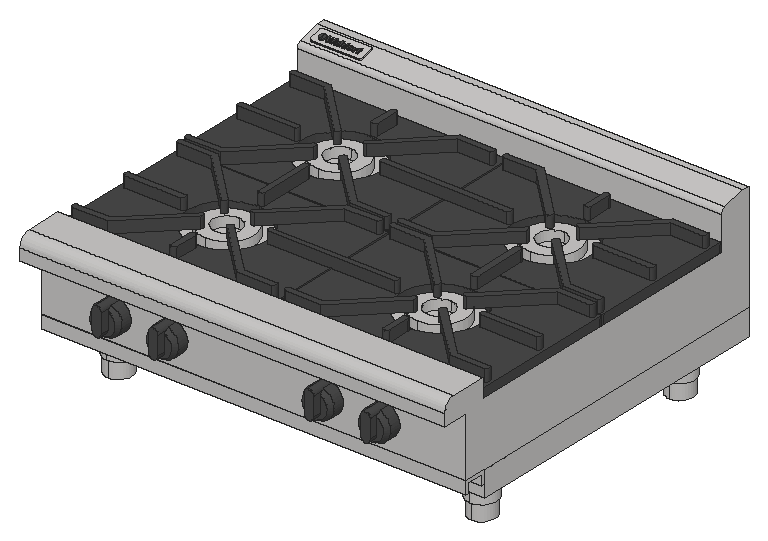
Revit family "QF_MOFFAT WALDORF_RNL8900G-B", category Specialty Equipment, Revit 2012 (continued)
Automatic sketch dimensions
  plane 7 "Center Y" to curve 92 = 7.898 mm
  curve 29 to curve 30 = 20.0 mm
  curve 30 to curve 36 = 30.0 mm
  curve 33 to curve 36 = 20.0 mm
  plane 8 "Center X" to curve 93 = 25.628 mm
  curve 92 to curve 93 = 76.73 mm
  curve 34 to curve 66 = 10.065 mm
  curve 109 to curve 110 = 76.73 mm
  plane 8 "Center X" to curve 103 = 5.372 mm
  curve 103 to curve 92 = 0.0 mm
  curve 35 to curve 37 = 30.0 mm
  curve 37 to curve 38 = 20.0 mm
  plane 7 "Center Y" to curve 77 = 128.727 mm
  plane 7 "Center Y" to curve 64 = 128.727 mm
  curve 39 to curve 44 = 30.0 mm
  curve 41 to curve 44 = 20.0 mm
  curve 77 to curve 103 = 63.824 mm
  curve 110 to curve 103 = 0.0 mm
  curve 64 to curve 93 = 63.824 mm
  curve 66 to curve 93 = 0.0 mm
  curve 42 to curve 46 = 30.0 mm
  curve 110 to curve 108 = 31.449 mm
  curve 45 to curve 96 = 19.438 mm
  curve 93 to curve 88 = 31.449 mm  (x2)
  curve 110 to curve 90 = 31.449 mm  (x2)
  curve 104 to curve 88 = 0.0 mm
  curve 45 to curve 46 = 20.0 mm
  curve 47 to curve 49 = 30.0 mm
  curve 91 to curve 101 = 31.449 mm
  curve 89 to curve 99 = 31.449 mm
  curve 89 to curve 95 = 31.449 mm
  curve 91 to curve 107 = 31.449 mm
  curve 50 to curve 51 = 20.0 mm
  curve 95 to curve 97 = 60.449 mm
  curve 107 to curve 105 = 60.449 mm
  plane 8 "Center X" to curve 99 = 25.628 mm
  plane 4 "RIGHT" to curve 99 = 86.628 mm
  plane 4 "RIGHT" to curve 95 = 86.628 mm
  plane 8 "Center X" to curve 100 = 5.372 mm
  curve 100 to curve 98 = 0.0 mm
  plane 4 "RIGHT" to curve 107 = 86.628 mm
  plane 4 "RIGHT" to curve 105 = 9.898 mm
  plane 4 "RIGHT" to curve 97 = 9.898 mm
  plane 4 "RIGHT" to curve 98 = 9.898 mm
  plane 4 "RIGHT" to curve 100 = 9.898 mm
  plane 4 "RIGHT" to curve 94 = 9.898 mm
  plane 4 "RIGHT" to curve 106 = 9.898 mm
  plane 4 "RIGHT" to curve 112 = 1.0 mm
  curve 111 to plane 5 "FRONT" = 100.0 mm
  curve 108 to plane 5 "FRONT" = 127.398 mm
  curve 81 to plane 5 "FRONT" = 127.398 mm
  curve 58 to curve 80 = 29.128 mm
  curve 111 to curve 109 = 29.128 mm
  curve 58 to curve 106 = 29.128 mm
  curve 111 to curve 83 = 29.128 mm
  curve 108 to curve 108 = 49.204 mm
  curve 81 to curve 81 = 49.204 mm
  curve 81 to curve 85 = 34.898 mm
  curve 108 to curve 90 = 34.898 mm
  curve 90 to curve 110 = 25.551 mm
  curve 84 to curve 83 = 25.551 mm
  curve 91 to curve 107 = 25.551 mm
  curve 85 to curve 80 = 25.551 mm
  curve 110 to curve 77 = 31.449 mm
  curve 105 to plane 8 "Center X" = 134.0 mm
  curve 78 to plane 8 "Center X" = 134.0 mm
  curve 80 to curve 84 = 31.449 mm
  curve 103 to curve 90 = 25.551 mm
  curve 101 to curve 91 = 25.551 mm
  curve 74 to curve 85 = 25.551 mm
  curve 76 to curve 84 = 25.551 mm
  curve 104 to plane 8 "Center X" = 38.266 mm
  curve 70 to plane 8 "Center X" = 38.111 mm
  curve 112 to curve 68 = 10.0 mm
  plane 8 "Center X" to curve 70 = 73.102 mm
  plane 8 "Center X" to curve 104 = 73.102 mm
  curve 104 to curve 88 = 34.898 mm
  curve 70 to curve 86 = 34.898 mm
  curve 89 to curve 99 = 25.551 mm
  curve 88 to curve 93 = 25.551 mm
  curve 86 to curve 72 = 25.551 mm
  curve 87 to curve 69 = 25.551 mm
  curve 99 to curve 97 = 31.449 mm
  curve 93 to curve 64 = 31.449 mm
  curve 68 to curve 67 = 139.372 mm
  curve 95 to curve 89 = 25.551 mm
  curve 66 to curve 88 = 25.551 mm
  curve 63 to curve 86 = 25.551 mm
  curve 60 to curve 87 = 25.551 mm
  curve 88 to curve 96 = 34.898 mm
  curve 86 to curve 61 = 34.898 mm
  plane 1 "BACK" to curve 66 = 98.128 mm
  curve 63 to curve 65 = 0.0 mm
  plane 1 "BACK" to curve 95 = 98.128 mm
  curve 59 to curve 1 = 77.029 mm
  curve 61 to curve 61 = 49.204 mm
  curve 96 to curve 96 = 49.204 mm
  curve 65 to curve 111 = 28.128 mm
  curve 4 to curve 2 = 30.961 mm
  curve 111 to curve 28 = 19.218 mm
  curve 23 to curve 25 = 0.0 mm
  plane 1 "BACK" to curve 50 = 50.782 mm
  curve 96 to curve 48 = 45.615 mm
  curve 2 to curve 5 = 1.278 mm
  curve 44 to curve 45 = 0.0 mm
  curve 7 to curve 9 = 0.0 mm
  curve 40 to curve 41 = 0.0 mm
  curve 10 to curve 13 = 0.0 mm
  curve 14 to curve 17 = 0.0 mm
  curve 35 to curve 37 = 0.0 mm
  curve 111 to curve 32 = 19.218 mm
  plane 1 "BACK" to curve 25 = 20.984 mm
  plane 1 "BACK" to curve 24 = 20.984 mm
  plane 1 "BACK" to curve 52 = 20.984 mm
  plane 1 "BACK" to curve 29 = 20.984 mm
  plane 1 "BACK" to curve 20 = 20.984 mm
  plane 1 "BACK" to curve 33 = 20.984 mm
  plane 1 "BACK" to curve 16 = 20.984 mm
  plane 1 "BACK" to curve 37 = 20.984 mm
  plane 1 "BACK" to curve 12 = 20.984 mm
  plane 1 "BACK" to curve 41 = 20.984 mm
  plane 1 "BACK" to curve 45 = 20.984 mm
  plane 1 "BACK" to curve 7 = 20.984 mm
  curve 70 to curve 114 = 0.724 mm
  curve 84 to curve 119 = 0.724 mm
  curve 96 to curve 116 = 1.738 mm
  curve 104 to curve 118 = 1.738 mm
  curve 108 to curve 118 = 6.386 mm
  curve 81 to curve 120 = 7.287 mm
  curve 117 to curve 90 = 1.43 mm
  curve 119 to curve 84 = 0.528 mm
  curve 104 to curve 115 = 7.386 mm
  curve 70 to curve 114 = 8.287 mm
  curve 116 to curve 88 = 0.43 mm
  curve 86 to curve 113 = 0.472 mm
  Extrusion 16 sketch curve to Extrusion 16 sketch curve = 0.0 mm  (x49)
  Extrusion 1 to Extrusion 16 sketch curve = 110.5 mm  (x2)
  Extrusion 16 sketch curve to Extrusion 16 sketch curve = 27.0 mm  (x4)
  Extrusion 16 sketch curve to Extrusion 16 sketch curve = 30.0 mm  (x4)
  Extrusion 16 sketch curve to Extrusion 16 sketch curve = 185.0 mm  (x2)
  Extrusion 1 to Extrusion 16 sketch curve = 224.0 mm  (x2)
  Extrusion 1 to Extrusion 16 sketch curve = 226.0 mm
  curve 86 to curve 121 = 0.0 mm  (x2)
  curve 86 to curve 122 = 27.0 mm
  curve 88 to curve 123 = 0.0 mm  (x2)
  curve 89 to curve 123 = 27.0 mm
  curve 90 to curve 125 = 0.0 mm  (x2)
  curve 90 to curve 125 = 27.0 mm
  curve 84 to curve 127 = 0.0 mm  (x2)
  curve 84 to curve 127 = 27.0 mm
  plane 3 "LEFT" to Extrusion 9 sketch curve = 13.21 mm  (x3)
  plane 1 "BACK" to Extrusion 9 sketch curve = 91.428 mm  (x4)
  plane 1 "BACK" to Extrusion 9 sketch curve = 96.398 mm  (x2)
  plane 4 "RIGHT" to Extrusion 9 sketch curve = 13.21 mm  (x4)
  Extrusion 9 sketch curve to Extrusion 9 sketch curve = 125.272 mm  (x2)
  plane 3 "LEFT" to Extrusion 9 sketch curve = 13.273 mm  (x2)
  plane 4 "RIGHT" to Extrusion 9 sketch curve = 87.354 mm  (x2)
  Extrusion 9 sketch curve to Extrusion 9 sketch curve = 74.143 mm
  plane 4 "RIGHT" to Extrusion 9 sketch curve = 13.273 mm  (x2)
  Extrusion 1 to Extrusion 17 sketch curve = 1.0 mm  (x5)
  Extrusion 17 sketch curve to Extrusion 17 sketch curve = 3.0 mm  (x9)
  Extrusion 1 to Extrusion 17 sketch curve = 4.0 mm  (x2)
  Extrusion 17 sketch curve to Extrusion 17 sketch curve = 0.0 mm  (x6)
  Extrusion 1 to Extrusion 17 sketch curve = 167.079 mm
  Extrusion 1 to Extrusion 17 sketch curve = 167.98 mm
  Extrusion 17 sketch curve to Extrusion 17 sketch curve = 144.395 mm  (x2)
  Extrusion 17 sketch curve to Extrusion 17 sketch curve = 145.296 mm
  Extrusion 17 sketch curve to Extrusion 1 = 167.921 mm
  Extrusion 17 sketch curve to Extrusion 1 = 167.02 mm
  Extrusion 17 sketch curve to Extrusion 1 = 4.0 mm  (x3)
  Extrusion 17 sketch curve to Extrusion 1 = 1.0 mm  (x2)
  Extrusion 1 to Extrusion 17 sketch curve = 224.937 mm  (x2)
  Extrusion 17 sketch curve to Extrusion 17 sketch curve = 220.251 mm  (x2)
  Extrusion 17 sketch curve to Extrusion 17 sketch curve = 3.625 mm  (x2)
  Extrusion 1 to Extrusion 17 sketch curve = 224.05 mm  (x2)
  radius of Extrusion 6 sketch curve = 13.5 mm
  radius of Extrusion 17 sketch curve = 84.082 mm  (x4)
Nested families
  nested 1: "WALDORF LOGO_FACE BASE" at (12.975, -22.637, 367.954) x (1, 0, 0) z (0, -0.2588, 0.9659), visible <- "Show Logo", type "WALDORF LOGO_FACE BASE", detail levels medium+fine
    with Show Logo yes
Connectors
  piping at (770, -32, 55)
    settings: on Extrusion 6, index 2, connector radius 0.37402", flow factor 0, pipe flow 0 GPM, pressure drop 0.00 psi, fitting loss kfactor 0, connector angle 0.00°, fixture units 0, engagement length 0.0 mm, flow configuration 1, flow direction 1, fitting loss method 0, system type 7, joint type 0, gender type 0, connector reference index -1, connector utility 0, adjustable connector no, is connector primary yes, fitting loss table "", connector description "GAS CONNECTION"
Definition of nested family "WALDORF LOGO_FACE BASE"
  Parameters (values of type "WALDORF LOGO_FACE BASE")
    Show Logo [instance] = yes
    Default Elevation = 1219.2 mm
  Reference planes
    plane 1 "Center (Front/Back)": y = 0
    plane 2: z = 0
    plane 3 "Center (Left/Right)": x = 0
  Forms (mm)
    Extrusion 1, solid
      sketch origin (0, 0, 0) x (1, 0, 0) y (0, 1, 0)
        loop
          line (-1219.2, 1219.2) -> (-1219.2, -1219.2) -> (1219.2, -1219.2) -> (1219.2, 1219.2) -> (-1219.2, 1219.2)
      from 0 to -304.8
    Extrusion 2, solid, material "QF_Finishes_Stainless Steel", visible <- "Show Logo"
      sketch origin (0, -33.217, 0) x (1, 0, 0) y (0, 1, 0)
        loop
          arc (5, 34.14) -> (1.464, 32.676) -> (0, 29.14) r 5
          line (0, 29.14) -> (0, 5)
          arc (0, 5) -> (1.464, 1.464) -> (5, 0) r 5
          line (5, 0) -> (104, 0)
          arc (104, 0) -> (107.536, 1.464) -> (109, 5) r 5
          line (109, 5) -> (109, 29.14)
          arc (109, 29.14) -> (107.536, 32.676) -> (104, 34.14) r 5
          line (104, 34.14) -> (5, 34.14)
      from 0 to 1.588
    Extrusion 3, solid, material "QF_Finishes_Black", visible <- "Show Logo"
      sketch origin (0, -33.217, 1.588) x (1, 0, 0) y (0, 1, 0)
        loop
          line (24.772, 23.214) -> (27.992, 10.301) -> (31.551, 10.301) -> (33.443, 17.364) -> (35.205, 10.301) -> (39.332, 10.301) -> (42.077, 23.214) -> (38.352, 23.214) -> (36.676, 15.33) -> (35, 23.214) -> (31.752, 23.214) -> (30.076, 15.33) -> (28.4, 23.214) -> (24.772, 23.214)
        loop
          line (42.272, 17.055) -> (45.703, 17.055)
          spline (45.703, 17.055) -> (45.741, 17.285) -> (45.852, 17.499) -> (46.028, 17.682) -> (46.258, 17.823) -> (46.526, 17.912) -> (46.813, 17.942) -> (47.1, 17.912) -> (47.368, 17.823) -> (47.597, 17.682) -> (47.774, 17.499) -> (47.884, 17.285) -> (47.922, 17.055)
          line (47.922, 17.055) -> (47.922, 16.222)
          arc (47.922, 16.222) -> (45.742, 16.014) -> (43.665, 15.317) r 9.604
          arc (43.665, 15.317) -> (41.924, 12.809) -> (43.665, 10.301) r 2.677
          arc (43.665, 10.301) -> (45.527, 10.353) -> (47.332, 10.816) r 8.365
          line (47.332, 10.816) -> (48.092, 11.105) -> (48.092, 10.301) -> (51.817, 10.301) -> (51.817, 17.055)
          spline (51.817, 17.055) -> (51.654, 17.821) -> (51.178, 18.535) -> (50.419, 19.148) -> (49.431, 19.619) -> (48.28, 19.914) -> (47.044, 20.015) -> (45.809, 19.914) -> (44.658, 19.619) -> (43.67, 19.148) -> (42.911, 18.535) -> (42.434, 17.821) -> (42.272, 17.055)
        loop
          line (53.151, 23.214) -> (53.151, 10.301) -> (57.37, 10.301) -> (57.37, 23.214) -> (53.151, 23.214)
        loop
          line (64.874, 23.214) -> (64.874, 18.857)
          arc (64.874, 18.857) -> (58.083, 15.11) -> (64.874, 11.363) r 4.429
          line (64.874, 11.363) -> (64.874, 10.301) -> (68.378, 10.301) -> (68.378, 23.214) -> (64.874, 23.214)
        loop
          arc (64.874, 16.083) -> (61.41, 14.987) -> (64.874, 13.891) r 1.905
          line (64.874, 13.891) -> (64.874, 16.083)
        loop
          circle (74.623, 15.223) r 5
        loop
          spline (74.623, 17.856) -> (74.355, 17.766) -> (74.105, 17.503) -> (73.891, 17.084) -> (73.726, 16.539) -> (73.623, 15.904) -> (73.588, 15.223) -> (73.623, 14.541) -> (73.726, 13.906) -> (73.891, 13.361) -> (74.105, 12.942) -> (74.355, 12.679) -> (74.623, 12.59)
          spline (74.623, 12.59) -> (74.891, 12.679) -> (75.141, 12.942) -> (75.355, 13.361) -> (75.52, 13.906) -> (75.623, 14.541) -> (75.659, 15.223) -> (75.623, 15.904) -> (75.52, 16.539) -> (75.355, 17.084) -> (75.141, 17.503) -> (74.891, 17.766) -> (74.623, 17.856)
        loop
          line (81.255, 19.813) -> (81.255, 10.301) -> (84.834, 10.301) -> (84.834, 14.176)
          arc (84.834, 14.176) -> (85.854, 16.093) -> (88.013, 16.32) r 2.313
          line (88.013, 16.32) -> (88.013, 19.813) -> (87.161, 19.813)
          arc (87.161, 19.813) -> (85.526, 19.266) -> (84.549, 17.844) r 2.717
          line (84.549, 17.844) -> (84.549, 19.813) -> (81.255, 19.813)
        loop
          line (90.249, 19.813) -> (88.91, 19.813) -> (88.91, 17.614) -> (90.249, 17.614) -> (90.249, 10.301) -> (93.998, 10.301) -> (93.998, 17.614) -> (95.418, 17.614) -> (95.418, 19.813) -> (93.998, 19.813)
          arc (93.998, 19.813) -> (94.414, 20.817) -> (95.418, 21.233) r 1.42
          line (95.418, 21.233) -> (95.418, 23.602) -> (93.317, 23.602)
          arc (93.317, 23.602) -> (91.343, 22.903) -> (90.249, 21.118) r 3.137
          line (90.249, 21.118) -> (90.249, 19.813)
        loop
          arc (15.241, 23.571) -> (8.392, 16.525) -> (15.241, 9.479) r 7.049
          line (15.241, 9.479) -> (15.241, 23.571)
        loop
          line (15.641, 23.571) -> (15.641, 9.479)
          arc (15.641, 9.479) -> (22.49, 16.525) -> (15.641, 23.571) r 7.049
        loop
          arc (47.922, 14.711) -> (46.266, 13.749) -> (47.922, 12.787) r 1.107
          line (47.922, 12.787) -> (47.922, 14.711)
      from 0 to 0.2
  Dimensions and locks
    aligned and locked: plane 2 to Extrusion 1
    aligned and locked: level to Extrusion 1
